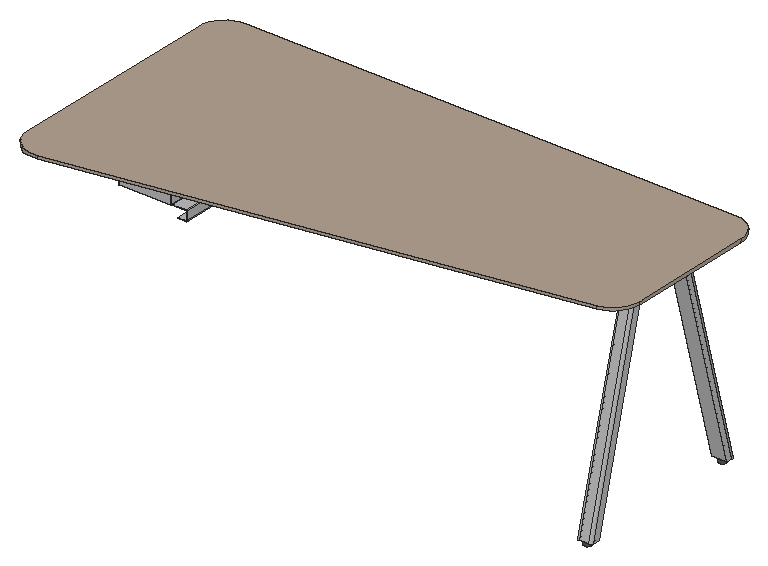
Revit family "Haworth_ActiveComponents_WedgeFullConvergent", category Furniture Systems, Revit 2018
Family settings
  Round Connector Dimension = Use Diameter
  Part Type = Normal
  OmniClass Number = 23.40.70.14.64.21
  OmniClass Title = Systems Furniture
  Work Plane-Based = No
  Always vertical = Yes
  Cut with Voids When Loaded = No
  Shared = No
  Room Calculation Point = No
Parameters (values of type "36d 72w")
  Worksurface Finish [instance] = Haworth _ Wood _ Light Maple VP-LM
  With Leg = yes
  Width = 72"
  Warranty = "https://www.haworth.com/resources/product-info/warranties"
  URL - Product = "https://www.haworth.com/products/workspaces/accessories/active-components"
  URL = "www.haworth.com"
  Thickness = 1 3/16"  # constant formula
  Surface Angle = 10.00°  # constant formula
  Radius = 3 1/2"  # constant formula
  Narrow Depth = 24"  # constant formula
  Min. Width = 60"  # constant formula
  Min. Depth = 34"  # constant formula
  Max. Width = 72"  # constant formula
  Size = "Verify Final Dim. w/ Haworth"  # constant formula
  Revision Number = "1"  # constant formula
  Model = "WAYP"  # constant formula
  Max. Depth = 36"  # constant formula
  Manufacturer = "Haworth"  # constant formula
  Leg Front Offset = Actual Depth - 15 7/8"  # 20 1/8"
  Leg L/R Offset = 3 9/16"  # constant formula
  Leg Finish [instance] = Haworth _ Paint _ Metallic Champagne
  Leg Back Offset = 8 1/8"  # constant formula
  Inside Radius = 1 1/2"  # constant formula
  Description = "Haworth - Active Components - Wedge Full Convergent"  # constant formula
  Depth = 36"
  Author = "Haworth (Alias)"  # constant formula
  Assembly Code = "E2020200"
  Actual Width = if(Width < Min. Width, Min. Width, if(Width > Max. Width, Max. Width, Width))  # 72"
  Actual Height = 29 3/16"  # constant formula
  Actual Depth = if(Depth < Min. Depth, Min. Depth, if(Depth > Max. Depth, Max. Depth, Depth))  # 36"
Types (2): name | Width | Leg Front Offset | Depth | Actual Width | Actual Depth
  36d 72w | 72" | 20 1/8" | 36" | 72" | 36"
  34d 60w | 60" | 18 1/8" | 34" | 60" | 34"
Reference planes (in)
  plane 1: z = 0
  plane 2 "Center L/R": x = 17.5
  plane 3 "Left Edge": x = -18.5
  plane 4 "Support Top": z = 29.1875
  plane 5 "Center F/B": y = -6.36431
  plane 6 "Front": y = -24.36431
  plane 7 "Knife Edge": y = -22.36431
  plane 8 "Knife Edge Seam": z = 28.8125
  plane 9 "Back": y = 11.63569
  plane 10 "Right Edge": x = 53.5
  plane 11 "Knife Edge 2": x = 51.5
  plane 12 "Knife Edge Back": y = 9.63569
  plane 13: z = 28
  plane 14: x = 49.9375
  plane 15: y = 3.51069
  plane 16: y = -4.23931
  plane 17: x = -12.562
Forms (in)
  Extrusion 1, solid, material "Haworth _ Wood _ Light Maple VP-LM" <- "Worksurface Finish"
    sketch origin (0, 0, 0) x (1, 0, 0) y (0, 1, 0)
      loop
        arc (-18.5, -20.19317) -> (-17.24976, -22.87433) -> (-14.39223, -23.64) r 3.5
        line (-14.39223, -23.64) -> (50.60777, -12.17875)
        arc (50.60777, -12.17875) -> (52.68116, -10.98168) -> (53.5, -8.73192) r 3.5
        line (53.5, -8.73192) -> (53.5, 8.13569)
        arc (53.5, 8.13569) -> (52.47487, 10.61056) -> (50, 11.63569) r 3.5
        line (50, 11.63569) -> (-15, 11.63569)
        arc (-15, 11.63569) -> (-17.47487, 10.61056) -> (-18.5, 8.13569) r 3.5
        line (-18.5, 8.13569) -> (-18.5, -20.19317)
    from 28 to 29.1875
  Sweep 2, void
    path in 3D
      loop
        arc (-15, 11.63569, 29.1875) -> (-17.47487, 10.61056, 29.1875) -> (-18.5, 8.13569, 29.1875) r 3.5
        line (-18.5, 8.13569, 29.1875) -> (-18.5, -20.19317, 29.1875)
        arc (-18.5, -20.19317, 29.1875) -> (-17.24976, -22.87433, 29.1875) -> (-14.39223, -23.64, 29.1875) r 3.5
        line (-14.39223, -23.64, 29.1875) -> (50.60777, -12.17875, 29.1875)
        arc (50.60777, -12.17875, 29.1875) -> (52.68116, -10.98168, 29.1875) -> (53.5, -8.73192, 29.1875) r 3.5
        line (53.5, -8.73192, 29.1875) -> (53.5, 8.13569, 29.1875)
        arc (53.5, 8.13569, 29.1875) -> (52.47487, 10.61056, 29.1875) -> (50, 11.63569, 29.1875) r 3.5
        line (50, 11.63569, 29.1875) -> (-15, 11.63569, 29.1875)
    profile origin (17.5, 11.63569, 29.1875) x (0, -1, 0) y (0, 0, 1)
      loop
        line (0, -0.375) -> (0, -1.1875) -> (2, -1.1875) -> (0, -0.375)
Cuts and joins
  Sweep 2 cuts Extrusion 1
Lines and regions (in)
  Masking region 1
    outline origin (0, 0, 0) x (1, 0, 0) y (0, 1, 0)
      loop
        line (50, 11.63569) -> (-15, 11.63569)
        arc (-15, 11.63569) -> (-17.47487, 10.61056) -> (-18.5, 8.13569) r 3.5
        line (-18.5, 8.13569) -> (-18.5, -20.19317)
        arc (-18.5, -20.19317) -> (-17.24976, -22.87433) -> (-14.39223, -23.64) r 3.5
        line (-14.39223, -23.64) -> (50.59137, -12.18164)
        arc (50.59137, -12.18164) -> (52.6758, -10.98808) -> (53.5, -8.73196) r 3.5
        line (53.5, -8.73196) -> (53.5, 8.13569)
        arc (53.5, 8.13569) -> (52.47487, 10.61056) -> (50, 11.63569) r 3.5
  sketch lines
    curve 1: line (50, 11.63569, 29.1875) -> (-15, 11.63569, 29.1875)
    curve 2: arc (50, 11.63569, 29.1875) -> (52.47487, 10.61056, 29.1875) -> (53.5, 8.13569, 29.1875) r 3.5
    curve 3: line (53.5, -8.73192, 29.1875) -> (53.5, 8.13569, 29.1875)
    curve 4: arc (53.5, -8.73192, 29.1875) -> (52.68116, -10.98168, 29.1875) -> (50.60777, -12.17875, 29.1875) r 3.5
    curve 5: line (-14.39223, -23.64, 29.1875) -> (50.60777, -12.17875, 29.1875)
    curve 6: arc (-14.39223, -23.64, 29.1875) -> (-17.24976, -22.87433, 29.1875) -> (-18.5, -20.19317, 29.1875) r 3.5
    curve 7: line (-18.5, 8.13569, 29.1875) -> (-18.5, -20.19317, 29.1875)
    curve 8: arc (-18.5, 8.13569, 29.1875) -> (-17.47487, 10.61056, 29.1875) -> (-15, 11.63569, 29.1875) r 3.5
Dimensions and locks (in)
  locked: plane 4 "Support Top" to plane 8 "Knife Edge Seam" at 0.375
  "Actual Depth": plane 9 "Back" to plane 6 "Front"
  "Actual Width": plane 3 "Left Edge" to plane 10 "Right Edge"
  locked: plane 11 "Knife Edge 2" to plane 10 "Right Edge" at 2
  locked: plane 6 "Front" to plane 7 "Knife Edge" at 2
  equal spacing: plane 3 "Left Edge", plane 2 "Center L/R", plane 10 "Right Edge"
  locked: plane 9 "Back" to plane 12 "Knife Edge Back" at 2
  "Actual Height": plane 4 "Support Top" to plane 1
  "Thickness": plane 13 to plane 4 "Support Top"
  equal spacing: plane 6 "Front", plane 5 "Center F/B", plane 9 "Back"
  "Leg Front Offset": plane 16 to plane 6 "Front"
  "Leg Back Offset": plane 15 to plane 9 "Back"
  "Leg L/R Offset": plane 14 to plane 10 "Right Edge"
  locked: plane 3 "Left Edge" to plane 17 at 5.938
  "Radius": radius of Extrusion 1 sketch curve  (x4)
  "Radius": radius of Masking region 1 sketch curve  (x4)
  "Surface Angle": angle plane 6 "Front" to Masking region 1 sketch curve
  "Surface Angle": angle plane 6 "Front" to Extrusion 1 sketch curve
  aligned and locked: Extrusion 1 sketch curve to plane 10 "Right Edge"
  aligned and locked: Extrusion 1 sketch curve to plane 9 "Back"
  aligned and locked: plane 3 "Left Edge" to Masking region 1 sketch curve
  aligned and locked: plane 9 "Back" to Masking region 1 sketch curve
  aligned and locked: plane 10 "Right Edge" to Masking region 1 sketch curve
  aligned and locked: plane 4 "Support Top" to Extrusion 1
  aligned and locked: plane 13 to Extrusion 1
  aligned and locked: plane 9 "Back" to Sweep 2 sketch curve
  aligned and locked: plane 13 to Sweep 2 sketch curve
  aligned and locked: plane 8 "Knife Edge Seam" to Sweep 2 sketch curve
  aligned and locked: plane 12 "Knife Edge Back" to Sweep 2 sketch curve
  aligned and locked: nested 2 to plane 1
  aligned and locked: plane 1 to nested 1
  aligned and locked: nested 1 to plane 14
  aligned and locked: plane 14 to nested 2
  aligned and locked: plane 15 to nested 2
  aligned and locked: nested 1 to plane 16
  aligned and locked: plane 5 "Center F/B" to nested 3
  aligned and locked: nested 3 to plane 17
Automatic sketch dimensions
  Masking region 1 sketch curve to plane 6 "Front" = 0.72431"
  Masking region 1 sketch curve to Masking region 1 sketch curve = 0.60777"
  Masking region 1 sketch curve to plane 14 = 0.65387"
  Extrusion 1 sketch curve to plane 3 "Left Edge" = 0"
  Extrusion 1 sketch curve to plane 6 "Front" = 0.72431"
  Extrusion 1 sketch curve to Extrusion 1 sketch curve = 0.60777"
  Extrusion 1 sketch curve to plane 14 = 0.67027"
Nested families (in)
  nested 1: "Haworth_ActiveComponents_AngledLeg_BUILD" at (48.9375, -12.17512, 0), visible <- "With Leg", type "Angled Leg"
  nested 2: "Haworth_ActiveComponents_AngledLeg_BUILD" at (48.9375, 11.4465, 0), visible <- "With Leg", type "Angled Leg"
  nested 3: "Haworth_ActiveComponents_RectangleScreenConvergent_PART_Bracket" at (2.62671, 3.95007, 20.225) x (0, 1, 0) z (0, 0, 1), Bracket Finish <- "Leg Finish", type "Bracket"
    with Bracket Finish Haworth _ Paint _ Metallic Champagne
Definition of nested family "Haworth_ActiveComponents_AngledLeg_BUILD"
  Parameters (values of type "Angled Leg")
    Warranty = "https://www.haworth.com/resources/product-info/warranties"
    URL - Product = "https://www.haworth.com/products/workspaces/accessories/active-components"
    URL = "www.haworth.com"
    Trim Finish = none
    Revision = "1"  # constant formula
    Note = "Verify Final Dim. w/ Haworth"  # constant formula
    Model = "Haworth Active Components"  # constant formula
    Manufacturer = "Haworth"  # constant formula
    Leg Height = 28"  # constant formula
    Glide Finish = none
    Description = "Haworth Active Components - Angled Leg"  # constant formula
    Author = "Haworth (Alias)"  # constant formula
    Assembly Code = ""
  Reference planes (in)
    plane 1 "Front": y = 0
    plane 2 "Bottom": z = 0
    plane 3 "Center (Left/Right)": x = 0
    plane 4 "Glide End": z = 0.5
    plane 5 "Right": x = 1
    plane 6 "Left": x = -1
    plane 7: z = 28
    plane 8 "Back": y = 11.0625
    plane 9: z = 28
    plane 10: z = 27.764
    plane 11 "Top Middle": y = 7.93581
  Forms (in)
    Extrusion 1, solid, material <- "Glide Finish"
      sketch origin (0, 0, 0) x (1, 0, 0) y (0, 1, 0)
        loop
          circle (0, 0.625) r 0.5
      from 0 to 0.5
    Blend 2, solid, material <- "Trim Finish"
      base sketch origin (0, 0, 0) x (1, 0, 0) y (0, 1, 0)
        loop
          line (-0.625, 0) -> (0.625, 0)
          arc (0.625, 0) -> (0.89017, 0.10983) -> (1, 0.375) r 0.375
          line (1, 0.375) -> (1, 1.1875) -> (-1, 1.1875) -> (-1, 0.375)
          arc (-1, 0.375) -> (-0.89017, 0.10983) -> (-0.625, 0) r 0.375
      top sketch origin (0, 0, 0) x (1, 0, 0) y (0, 1, 0)
        loop
          line (-1, 8.52956) -> (-1, 7.71706)
          arc (-1, 7.71706) -> (-0.89017, 7.45189) -> (-0.625, 7.34206) r 0.375
          line (-0.625, 7.34206) -> (0.625, 7.34206)
          arc (0.625, 7.34206) -> (0.89017, 7.45189) -> (1, 7.71706) r 0.375
          line (1, 7.71706) -> (1, 8.52956) -> (-1, 8.52956)
      from 0.5 to 27.764
    Extrusion 3, solid, material <- "Trim Finish"
      sketch origin (0, 0, 0) x (1, 0, 0) y (0, 1, 0)
        loop
          arc (-3.39, 11.0625) -> (-3.65517, 10.95267) -> (-3.765, 10.6875) r 0.375
          line (-3.765, 10.6875) -> (-3.765, 7.43264)
          arc (-3.765, 7.43264) -> (-3.65517, 7.16748) -> (-3.39, 7.05764) r 0.375
          line (-3.39, 7.05764) -> (0.86, 7.05764)
          arc (0.86, 7.05764) -> (1.12517, 7.16748) -> (1.235, 7.43264) r 0.375
          line (1.235, 7.43264) -> (1.235, 10.6875)
          arc (1.235, 10.6875) -> (1.12517, 10.95267) -> (0.86, 11.0625) r 0.375
          line (0.86, 11.0625) -> (-3.39, 11.0625)
      from 27.764 to 28
  Lines and regions (in)
    Masking region 1, detail levels medium+fine
      outline origin (0, 0, 0) x (1, 0, 0) y (0, 1, 0)
        loop
          arc (-0.985, 0.40547) -> (-0.87035, 0.1231) -> (-0.5913, 0.00058) r 0.40505
          line (-0.5913, 0.00058) -> (0.57004, 0.00058)
          arc (0.57004, 0.00058) -> (0.86642, 0.1119) -> (0.985, 0.40544) r 0.39368
          line (0.985, 0.40544) -> (0.985, 8.52956) -> (-0.985, 8.52956) -> (-0.985, 0.40547)
    symbolic lines, detail levels medium+fine
      curve 1: line (-3.39, 7.05764, 0) -> (0.86, 7.05764, 0)
      curve 2: arc (0.86, 7.05764, 0) -> (1.12517, 7.16748, 0) -> (1.235, 7.43264, 0) r 0.375
      curve 3: line (1.235, 7.43264, 0) -> (1.235, 10.6875, 0)
      curve 4: arc (1.235, 10.6875, 0) -> (1.12517, 10.95267, 0) -> (0.86, 11.0625, 0) r 0.375
      curve 5: line (0.86, 11.0625, 0) -> (-3.39, 11.0625, 0)
      curve 6: arc (-3.39, 11.0625, 0) -> (-3.65517, 10.95267, 0) -> (-3.765, 10.6875, 0) r 0.375
      curve 7: line (-3.765, 10.6875, 0) -> (-3.765, 7.43264, 0)
      curve 8: arc (-3.765, 7.43264, 0) -> (-3.65517, 7.16748, 0) -> (-3.39, 7.05764, 0) r 0.375
  Dimensions and locks (in)
    level to plane 4 "Glide End" = 1/2"
    locked: plane 4 "Glide End" to plane 2 "Bottom" at 0.5
    "Leg Height": plane 7 to plane 2 "Bottom"
    equal spacing: plane 6 "Left", plane 3 "Center (Left/Right)", plane 5 "Right"
    locked: plane 6 "Left" to plane 5 "Right" at 2
    locked: plane 1 "Front" to plane 8 "Back" at 11.0625
    locked: plane 1 "Front" to Extrusion 1 sketch curve at 0.625
    locked: Blend 2 sketch curve to plane 1 "Front" at 1.1875
    locked: Blend 2 sketch curve to plane 8 "Back" at 2.53294
    locked: Blend 2 sketch curve to Blend 2 sketch curve at 1.1875
    locked: plane 9 to plane 10 at 0.236
    locked: Extrusion 3 sketch curve to Extrusion 3 sketch curve at 4.00486
    locked: plane 5 "Right" to Extrusion 3 sketch curve at 0.235
    locked: Extrusion 3 sketch curve to plane 6 "Left" at 2.765
    aligned and locked: Extrusion 1 to plane 2 "Bottom"
    aligned and locked: Extrusion 1 to plane 4 "Glide End"
    aligned and locked: plane 5 "Right" to Blend 2 sketch curve
    aligned and locked: plane 6 "Left" to Blend 2 sketch curve
    aligned and locked: Blend 2 sketch curve to plane 6 "Left"
    aligned and locked: Blend 2 sketch curve to plane 5 "Right"
    aligned and locked: plane 4 "Glide End" to Blend 2
    aligned and locked: plane 3 "Center (Left/Right)" to Extrusion 1 sketch curve
    aligned and locked: plane 1 "Front" to Blend 2 sketch curve
    aligned and locked: plane 10 to Blend 2
    aligned and locked: Extrusion 3 sketch curve to plane 8 "Back"
    aligned and locked: plane 9 to Extrusion 3
    aligned and locked: Extrusion 3 to plane 10
  Automatic sketch dimensions
    Blend 2 sketch curve to plane 6 "Left" = 3/8"  (x2)
    Blend 2 sketch curve to plane 5 "Right" = 3/8"  (x2)
    Extrusion 3 sketch curve to Extrusion 3 sketch curve = 3/8"
    Extrusion 3 sketch curve to plane 8 "Back" = 3/8"
    Extrusion 3 sketch curve to plane 5 "Right" = 0.14"  (x2)
    Masking region 1 sketch curve to plane 6 "Left" = 0.015"
    Masking region 1 sketch curve to plane 1 "Front" = 0.00058"
    Masking region 1 sketch curve to plane 6 "Left" = 0.4087"
    Masking region 1 sketch curve to Masking region 1 sketch curve = 0.40505"
    Masking region 1 sketch curve to plane 5 "Right" = 0.42996"
    Masking region 1 sketch curve to Masking region 1 sketch curve = 0.02145"
    Masking region 1 sketch curve to plane 5 "Right" = 0.015"
    Masking region 1 sketch curve to plane 1 "Front" = 0.39368"
    Masking region 1 sketch curve to plane 11 "Top Middle" = 19/32"
    curve 6 to plane 8 "Back" = 0"
    curve 7 to plane 8 "Back" = 3/8"
    plane 6 "Left" to curve 7 = 2.765"
    curve 7 to curve 8 = 3/8"
    curve 1 to plane 5 "Right" = 0.14"
    curve 4 to plane 5 "Right" = 0.14"
    plane 5 "Right" to curve 3 = 0.235"
    plane 11 "Top Middle" to curve 2 = 0.50317"
    radius of Extrusion 1 sketch curve = 1/2"
Definition of nested family "Haworth_ActiveComponents_RectangleScreenConvergent_PART_Bracket"
  Parameters (values of type "Bracket")
    Warranty = "http://www.haworth.com/resources/product-info/warranties"
    URL - Product = "https://www.haworth.com/na/en/products/active-storage/active-components.html"
    URL = "https://www.haworth.com/"
    Sustainability Info = "https://www.haworth.com/na/en/expertise/sustainability.html"
    Size = "Verify Final Dim. w/ Haworth"  # constant formula
    Revision Number = "1"  # constant formula
    Model = "Active Components"  # constant formula
    Manufacturer = "Haworth"  # constant formula
    Description = "Haworth - Active Components"  # constant formula
    Author = "Haworth (Bentzen)"  # constant formula
    Assembly Code = "E2020200"
    Bracket Finish [instance] = none
    Actual Width = 12.222"  # constant formula
    Actual Height = 6.68"  # constant formula
    Actual Depth = 10"  # constant formula
  Reference planes (in)
    plane 1: z = 0
    plane 2 "Center (Left/Right)": x = -10.31438
    plane 3 "Back": y = 15.18871
    plane 4 "Front": y = 5.18871
    plane 5 "Center (Front/Back)": y = 10.18871
    plane 6 "Left": x = -16.42538
    plane 7 "Right": x = -4.20338
    plane 8: z = 34.31924
    plane 9: z = 34.11924
  Forms (in)
    Extrusion 1, solid, material <- "Bracket Finish"
      sketch origin (0, 0, 0) x (1, 0, 0) y (0, 1, 0)
        loop
          line (-16.42538, 15.11371) -> (-16.42538, 8.29771) -> (-4.20338, 8.29771) -> (-4.20338, 15.11371)
          arc (-4.20338, 15.11371) -> (-4.22535, 15.16674) -> (-4.27838, 15.18871) r 0.075
          line (-4.27838, 15.18871) -> (-16.35038, 15.18871)
          arc (-16.35038, 15.18871) -> (-16.40341, 15.16674) -> (-16.42538, 15.11371) r 0.075
      from 1.3137 to 7.775
    Extrusion 2, solid, material <- "Bracket Finish"
      sketch origin (-10.31438, 0, 0) x (0, 1, 0) y (0, 0, 1)
        loop
          line (5.18871, 7.775) -> (5.18871, 7.7003) -> (8.21401, 7.7003)
          arc (8.21401, 7.7003) -> (8.24229, 7.68858) -> (8.25401, 7.6603) r 0.04
          line (8.25401, 7.6603) -> (8.25401, 1.3894)
          arc (8.25401, 1.3894) -> (8.24229, 1.36112) -> (8.21401, 1.3494) r 0.04
          line (8.21401, 1.3494) -> (6.30341, 1.3494)
          arc (6.30341, 1.3494) -> (6.2223, 1.31581) -> (6.18871, 1.2347) r 0.1147
          line (6.18871, 1.2347) -> (6.18871, 0.1147)
          arc (6.18871, 0.1147) -> (6.2223, 0.03359) -> (6.30341, 0) r 0.1147
          line (6.30341, 0) -> (7.43871, 0) -> (7.43871, 0.0747) -> (6.30341, 0.0747)
          arc (6.30341, 0.0747) -> (6.27513, 0.08642) -> (6.26341, 0.1147) r 0.04
          line (6.26341, 0.1147) -> (6.26341, 1.2347)
          arc (6.26341, 1.2347) -> (6.27513, 1.26298) -> (6.30341, 1.2747) r 0.04
          line (6.30341, 1.2747) -> (8.21401, 1.2747)
          arc (8.21401, 1.2747) -> (8.29511, 1.30829) -> (8.32871, 1.3894) r 0.1147
          line (8.32871, 1.3894) -> (8.32871, 7.6603)
          arc (8.32871, 7.6603) -> (8.29511, 7.74141) -> (8.21401, 7.775) r 0.1147
          line (8.21401, 7.775) -> (5.18871, 7.775)
      from -6.0003 to 5.9997
  Dimensions and locks (in)
    "Actual Width": plane 6 "Left" to plane 7 "Right"
    "Actual Depth": plane 3 "Back" to plane 4 "Front"
    equal spacing: plane 6 "Left", plane 2 "Center (Left/Right)", plane 7 "Right"
    equal spacing: plane 3 "Back", plane 5 "Center (Front/Back)", plane 4 "Front"
  Automatic sketch dimensions
    Extrusion 1 sketch curve to plane 6 "Left" = 0"
    Extrusion 1 sketch curve to plane 3 "Back" = 0"
    Extrusion 1 sketch curve to plane 7 "Right" = 0"
    Extrusion 1 sketch curve to plane 6 "Left" = 0.075"
    Extrusion 1 sketch curve to plane 7 "Right" = 0.075"
    Extrusion 1 sketch curve to plane 5 "Center (Front/Back)" = 1.891"
    Extrusion 2 sketch curve to Extrusion 2 sketch curve = 0"  (x8)
    Extrusion 2 sketch curve to plane 4 "Front" = 0"
    Extrusion 2 sketch curve to level = 0"
    level to Extrusion 2 sketch curve = 0.1147"
    plane 4 "Front" to Extrusion 2 sketch curve = 1"
    Extrusion 2 sketch curve to Extrusion 2 sketch curve = 0.0747"  (x2)
    Extrusion 2 sketch curve to Extrusion 2 sketch curve = 0.04"  (x2)
    Extrusion 2 sketch curve to Extrusion 2 sketch curve = 1.1353"
    Extrusion 2 sketch curve to Extrusion 2 sketch curve = 0.7753"
    Extrusion 2 sketch curve to plane 5 "Center (Front/Back)" = 1.9747"
    Extrusion 2 sketch curve to Extrusion 2 sketch curve = 1.12"
    Extrusion 2 sketch curve to Extrusion 2 sketch curve = 6.2709"
